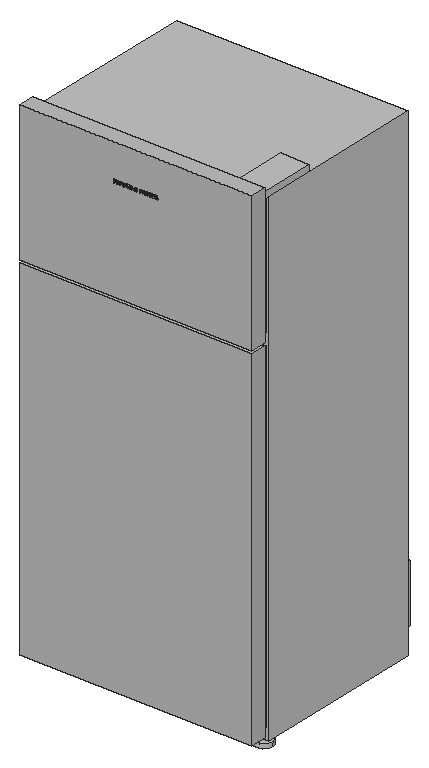
Revit family "FP_Revit_18_RF521TR_Fridges_90001132A", category Specialty Equipment, Revit 2018
Family settings
  Round Connector Dimension = Use Diameter
  Part Type = Normal
  OmniClass Number = 23.40.40.11.11.17
  OmniClass Title = Refrigerator-Freezer
  Work Plane-Based = No
  Always vertical = Yes
  Cut with Voids When Loaded = Yes
  Shared = No
  Room Calculation Point = No
Parameters (values of type "RF521TRZX6")
  Visibility - Clearance Required = yes
  URL = "www.fisherpaykel.com"
  Product - Width = 790 mm  # constant formula
  Product - Height = 1720 mm  # constant formula
  Product - Depth = 695 mm  # constant formula
  Model = "RF521TRZX6"
  Material - Door Structure = Fisher & Paykel - White
  Material - Door Front = Fisher & Paykel - Stainless Steel
  Material - Body = Fisher & Paykel - Grey
  Manufacturer = "Fisher & Paykel Appliances"
  Description = "79cm Freestanding Refrigerator with Bottom Freezer (Stainless)"
  Connector Description - Electrical = "230 V, 10 A, fused electrical supply"
  Chassis - Width = 790 mm  # constant formula
  Chassis - Height = 1662 mm  # constant formula
  Chassis - Depth = 625 mm  # constant formula
  Cavity - Width = 830 mm  # constant formula
  Cavity - Height = 1735 mm  # constant formula
  Cavity - Depth = 625 mm  # constant formula
Types (5, lengths in mm): name | Model | Material - Door Front | Description | Connector Description - Electrical
  (no name) | "RF521TRZX6" | Fisher & Paykel - Stainless Steel | "79cm Freestanding Refrigerator with Bottom Freezer (Stainless)" | "230 V, 10 A, fused electrical supply"
  RF521TRPX6 | "RF521TRPX6" | Fisher & Paykel - Stainless Steel | "79cm Freestanding Refrigerator with Bottom Freezer (Stainless)" | "230 V, 10 A, fused electrical supply"
  RF521TRZX6 | "RF521TRZX6" | Fisher & Paykel - Stainless Steel | "79cm Freestanding Refrigerator with Bottom Freezer (Stainless)" | "230 V, 10 A, fused electrical supply"
  RF521TRZW6 | "RF521TRZW6" | Fisher & Paykel - White | "79cm Freestanding Refrigerator with Bottom Freezer (White)" | "230 V, 10 A, fused electrical supply"
  RF521TRPW6 | "RF521TRPW6" | Fisher & Paykel - White | "79cm Freestanding Refrigerator with Bottom Freezer (White)" | "120 V, 10 A, fused electrical supply"
Reference planes
  plane 1 "Datum": y = 0
  plane 2: z = 0
  plane 3 "Center (Left/Right)": x = 0
  plane 4 "Product LHS": x = -395
  plane 5 "Product RHS": x = 395
  plane 6 "Product - Depth": y = 625
  plane 7 "Cavity LHS": x = -415
  plane 8 "Cavity RHS": x = 415
  plane 9 "Cavity - Depth": y = 625
  plane 10 "Handle Offset": x = 298
  plane 11 "Product Height": z = 1720
  plane 12 "Cavity Height": z = 1735
  plane 13 "Door Panel Front": y = -70
Forms (mm)
  Extrusion 1, solid, material "Fisher & Paykel - Grey" <- "Material - Body"
    sketch origin (0, 0, 0) x (0, 1, 0) y (0, 0, 1)
      loop
        line (0, 24) -> (595, 24) -> (595, 1686) -> (0, 1686) -> (0, 24)
    from -395 to 395
  Extrusion 2, solid, material "Fisher & Paykel - Grey" <- "Material - Body"
    sketch origin (0, 0, 0) x (1, 0, 0) y (0, 1, 0)
      loop
        circle (-365, 18.6) r 4.9
      loop
        circle (365, 18.6) r 4.9
    from 14 to 24
  Extrusion 3, solid, material "Fisher & Paykel - Grey" <- "Material - Body"
    sketch origin (0, 0, 0) x (1, 0, 0) y (0, 1, 0)
      loop
        circle (-365, 18.6) r 30
      loop
        circle (365, 18.6) r 30
    from 0 to 14
  Extrusion 4, solid, material "Fisher & Paykel - Grey" <- "Material - Body"
    sketch origin (0, 0, 0) x (1, 0, 0) y (0, 0, 1)
      loop
        circle (355.042, 69) r 5
    from -615 to -595
  Extrusion 5, solid, material "Fisher & Paykel - White" <- "Material - Door Structure"
    sketch origin (0, 0, 0) x (1, 0, 0) y (0, 1, 0)
      loop
        line (-387, 0) -> (-387, -15) -> (387, -15) -> (387, 0) -> (-387, 0)
    from 1269 to 1680
  Extrusion 6, solid, material "Fisher & Paykel - Stainless Steel" <- "Material - Door Front"
    sketch origin (0, 0, 0) x (1, 0, 0) y (0, 1, 0)
      loop
        line (-395, -15) -> (-395, -70) -> (395, -70) -> (395, -15) -> (-395, -15)
    from 1247 to 1720
  Extrusion 7, solid, material "Fisher & Paykel - Grey" <- "Material - Body", detail levels fine
    sketch origin (0, 0, -4) x (0, 1, 0) y (0, 0, 1)
      loop
        arc (62.091, 28) -> (87.5, 4) -> (112.909, 28) r 25.45
        line (112.909, 28) -> (62.091, 28)
      loop
        arc (503.639, 28) -> (529.047, 4) -> (554.456, 28) r 25.45
        line (554.456, 28) -> (503.639, 28)
    from 325.45 to 342.5
  Extrusion 8, solid, material "Fisher & Paykel - Clearance Required", visible <- "Visibility - Clearance Required", detail levels coarse
    sketch origin (0, 0, 0) x (1, 0, 0) y (0, 1, 0)
      loop
        line (-415, 625) -> (-415, -70) -> (530, -70) -> (530, 0) -> (415, 0) -> (415, 625) -> (-415, 625)
    from 0 to 1735
  Extrusion 9, void
    sketch origin (0, 0, 0) x (1, 0, 0) y (0, 1, 0)
      loop
        line (-415, 625) -> (-415, -70) -> (530, -70) -> (530, 0) -> (415, 0) -> (415, 625) -> (-415, 625)
    from 0 to 1735
  Extrusion 10, solid, material "Fisher & Paykel - Stainless Steel" <- "Material - Door Front"
    sketch origin (0, 0, 0) x (1, 0, 0) y (0, 1, 0)
      loop
        line (-395, -15) -> (-395, -70) -> (395, -70) -> (395, -15) -> (-395, -15)
    from 40 to 1237
  Extrusion 11, solid, material "Fisher & Paykel - White" <- "Material - Door Structure"
    sketch origin (0, 0, 0) x (1, 0, 0) y (0, 1, 0)
      loop
        line (-387, 0) -> (-387, -15) -> (387, -15) -> (387, 0) -> (-387, 0)
    from 62 to 1229
  Extrusion 12, solid, material "Fisher & Paykel - Grey" <- "Material - Body"
    sketch origin (229.237, 0, 0) x (0, 1, 0) y (0, 0, 1)
      loop
        line (595, 324) -> (595, 94) -> (625, 94) -> (625, 294) -> (595, 324)
    from -604.237 to 145.763
  Extrusion 13, solid, material "Fisher & Paykel - Grey" <- "Material - Body"
    sketch origin (0, 0, 0) x (0, 1, 0) y (0, 0, 1)
      loop
        line (595, 94) -> (595, 24) -> (625, 24) -> (625, 94) -> (595, 94)
    from -375 to 345
  Extrusion 14, solid, material "Fisher & Paykel - Grey" <- "Material - Body", detail levels fine
    sketch origin (0, 0, -4) x (0, 1, 0) y (0, 0, -1)
      loop
        line (62.091, -28) -> (112.909, -28)
        arc (112.909, -28) -> (87.5, -4) -> (62.091, -28) r 25.45
      loop
        line (503.639, -28) -> (554.456, -28)
        arc (554.456, -28) -> (529.047, -4) -> (503.639, -28) r 25.45
    from 325.45 to 342.5
  Extrusion 15, solid, material "Fisher & Paykel - Grey" <- "Material - Body"
    sketch origin (0, 0, 0) x (1, 0, 0) y (0, 1, 0)
      loop
        line (296.4, 174) -> (296.4, -15) -> (393.4, -15) -> (393.4, 174) -> (296.4, 174)
    from 1686 to 1708
  Extrusion 16, solid, material "Fisher & Paykel - Clearance Required", visible <- "Visibility - Clearance Required", detail levels coarse
    sketch origin (0, 0, 0) x (1, 0, 0) y (0, 1, 0)
      loop
        arc (-395, -70) -> (135.432, -761.124) -> (975.827, -531.456) r 781.226
        line (975.827, -531.456) -> (460.698, -70) -> (-395, -70)
    from 0 to 1735
  Extrusion 17, void
    sketch origin (0, 0, 0) x (1, 0, 0) y (0, 0, 1)
      loop
        line (-395, 1521.451) -> (-395, 1281.726)
        arc (-395, 1281.726) -> (-376.652, 1301.604) -> (-370, 1327.823) r 54.999
        line (-370, 1327.823) -> (-370, 1475.354)
        arc (-370, 1475.354) -> (-376.652, 1501.574) -> (-395, 1521.451) r 55
      loop
        line (-395, 1181.725) -> (-395, 797.001)
        arc (-395, 797.001) -> (-376.652, 816.878) -> (-370, 843.098) r 54.999
        line (-370, 843.098) -> (-370, 1135.628)
        arc (-370, 1135.628) -> (-376.652, 1161.848) -> (-395, 1181.725) r 55
    from 29 to 56
Cuts and joins
  joined: Extrusion 12, Extrusion 13
  Extrusion 17 cuts Extrusion 1
  Extrusion 17 cuts Extrusion 5
  Extrusion 17 cuts Extrusion 6
  Extrusion 17 cuts Extrusion 10
  Extrusion 17 cuts Extrusion 11
  Extrusion 17 cuts Extrusion 16
Text (mm)
  text "Due to ongoing product development, product details are subject to change without notice. \nPlease always refer to www.fisherpaykel.com for the most current product information. \n© Fisher & Paykel 2020" at (41.04, -848.295, 0), in view "Ref. Level (Plan)"
Dimensions and locks
  equal spacing: plane 4 "Product LHS", plane 3 "Center (Left/Right)", plane 5 "Product RHS"
  "Product - Width": plane 4 "Product LHS" to plane 5 "Product RHS"
  "Chassis - Depth": plane 1 "Datum" to plane 6 "Product - Depth"
  equal spacing: plane 7 "Cavity LHS", plane 3 "Center (Left/Right)", plane 8 "Cavity RHS"
  "Cavity - Width": plane 7 "Cavity LHS" to plane 8 "Cavity RHS"
  "Cavity - Depth": plane 9 "Cavity - Depth" to plane 1 "Datum"
  Extrusion 4 sketch curve to plane 5 "Product RHS" = 39.958 mm
  "Product - Height": level to plane 11 "Product Height"
  Extrusion 1 sketch curve to plane 11 "Product Height" = 34 mm
  "Cavity - Height": plane 12 "Cavity Height" to level
  "Product - Depth": plane 6 "Product - Depth" to cut or joined group of Extrusion 16, Extrusion 17
  "Chassis - Width": cut or joined group of Extrusion 1, Extrusion 17 to cut or joined group of Extrusion 1, Extrusion 17
  "Chassis - Height": cut or joined group of Extrusion 1, Extrusion 17 to cut or joined group of Extrusion 1, Extrusion 17
  plane 11 "Product Height" to nested 1 = 124 mm
  radius of Extrusion 4 sketch curve = 5 mm
  aligned and locked: level to plane 2
  aligned and locked: Extrusion 1 to plane 5 "Product RHS"
  aligned and locked: plane 4 "Product LHS" to Extrusion 1
  aligned and locked: Extrusion 6 sketch curve to plane 4 "Product LHS"
  aligned and locked: plane 5 "Product RHS" to Extrusion 6 sketch curve
  aligned and locked: Extrusion 1 sketch curve to plane 1 "Datum"
  aligned and locked: Extrusion 13 sketch curve to plane 6 "Product - Depth"
  aligned and locked: Extrusion 4 to Extrusion 1
  aligned and locked: Extrusion 15 to Extrusion 1
  aligned and locked: Extrusion 16 sketch curve to cut or joined group of Extrusion 6, Extrusion 17
  aligned and locked: Extrusion 16 to plane 12 "Cavity Height"
  aligned and locked: plane 4 "Product LHS" to Extrusion 17 sketch curve  (x2)
  aligned and locked: Extrusion 9 to Extrusion 8
  aligned and locked: plane 6 "Product - Depth" to Extrusion 12
Automatic sketch dimensions
  Extrusion 1 sketch curve to plane 6 "Product - Depth" = 30 mm
  level to Extrusion 1 sketch curve = 24 mm
  level to Extrusion 4 sketch curve = 69 mm
  plane 1 "Datum" to Extrusion 5 sketch curve = 0 mm
  Extrusion 5 sketch curve to plane 4 "Product LHS" = 8 mm
  plane 5 "Product RHS" to Extrusion 5 sketch curve = 8 mm
  plane 1 "Datum" to Extrusion 5 sketch curve = 15 mm
  plane 1 "Datum" to Extrusion 6 sketch curve = 70 mm
  plane 1 "Datum" to Extrusion 6 sketch curve = 15 mm
  level to Extrusion 7 sketch curve = 24 mm  (x2)
  Extrusion 7 sketch curve to plane 1 "Datum" = 62.091 mm
  Extrusion 7 sketch curve to Extrusion 7 sketch curve = 25.409 mm  (x2)
  Extrusion 7 sketch curve to plane 6 "Product - Depth" = 121.361 mm
  Extrusion 7 sketch curve to Extrusion 7 sketch curve = 1.45 mm  (x2)
  Extrusion 10 sketch curve to plane 4 "Product LHS" = 0 mm
  Extrusion 10 sketch curve to plane 5 "Product RHS" = 0 mm
  plane 1 "Datum" to Extrusion 10 sketch curve = 70 mm
  plane 1 "Datum" to Extrusion 10 sketch curve = 15 mm
  plane 1 "Datum" to Extrusion 11 sketch curve = 0 mm
  Extrusion 11 sketch curve to plane 4 "Product LHS" = 8 mm
  plane 5 "Product RHS" to Extrusion 11 sketch curve = 8 mm
  plane 1 "Datum" to Extrusion 11 sketch curve = 15 mm
  Extrusion 12 sketch curve to plane 6 "Product - Depth" = 0 mm
  Extrusion 12 sketch curve to plane 6 "Product - Depth" = 30 mm
  level to Extrusion 12 sketch curve = 94 mm
  Extrusion 12 sketch curve to Extrusion 12 sketch curve = 200 mm
  Extrusion 12 sketch curve to Extrusion 12 sketch curve = 30 mm
  Extrusion 13 sketch curve to Extrusion 13 sketch curve = 30 mm
  level to Extrusion 13 sketch curve = 24 mm
  Extrusion 13 sketch curve to Extrusion 13 sketch curve = 70 mm
  level to Extrusion 14 sketch curve = 24 mm  (x2)
  Extrusion 14 sketch curve to plane 1 "Datum" = 62.091 mm
  Extrusion 14 sketch curve to Extrusion 14 sketch curve = 25.409 mm  (x2)
  Extrusion 14 sketch curve to plane 6 "Product - Depth" = 121.361 mm
  level to Extrusion 14 sketch curve = 25.45 mm
  Extrusion 14 sketch curve to Extrusion 14 sketch curve = 1.45 mm
  Extrusion 3 sketch curve to plane 4 "Product LHS" = 30 mm
  plane 5 "Product RHS" to Extrusion 3 sketch curve = 30 mm
  Extrusion 3 sketch curve to plane 1 "Datum" = 18.6 mm  (x2)
  Extrusion 2 sketch curve to plane 4 "Product LHS" = 30 mm
  plane 5 "Product RHS" to Extrusion 2 sketch curve = 30 mm
  Extrusion 2 sketch curve to plane 1 "Datum" = 18.6 mm  (x2)
  Extrusion 9 sketch curve to plane 7 "Cavity LHS" = 0 mm
  Extrusion 9 sketch curve to plane 8 "Cavity RHS" = 0 mm
  plane 1 "Datum" to Extrusion 9 sketch curve = 0 mm
  Extrusion 9 sketch curve to plane 9 "Cavity - Depth" = 0 mm
  Extrusion 9 sketch curve to Extrusion 9 sketch curve = 115 mm
  plane 1 "Datum" to Extrusion 9 sketch curve = 70 mm
  Extrusion 16 sketch curve to plane 7 "Cavity LHS" = 20 mm
  plane 5 "Product RHS" to Extrusion 16 sketch curve = 10.329 mm
  plane 1 "Datum" to Extrusion 16 sketch curve = 531.456 mm
  plane 1 "Datum" to Extrusion 16 sketch curve = 20.723 mm
  Extrusion 16 sketch curve to plane 8 "Cavity RHS" = 45.698 mm
  plane 10 "Handle Offset" to Extrusion 15 sketch curve = 1.6 mm
  plane 5 "Product RHS" to Extrusion 15 sketch curve = 1.6 mm
  plane 1 "Datum" to Extrusion 15 sketch curve = 15 mm
  Extrusion 15 sketch curve to plane 1 "Datum" = 174 mm
  plane 7 "Cavity LHS" to Extrusion 17 sketch curve = 9.999 mm  (x2)
  plane 7 "Cavity LHS" to Extrusion 17 sketch curve = 10 mm  (x2)
  Extrusion 17 sketch curve to plane 4 "Product LHS" = 25 mm  (x2)
  level to Extrusion 17 sketch curve = 797.001 mm
  Extrusion 17 sketch curve to Extrusion 17 sketch curve = 292.53 mm
  Extrusion 17 sketch curve to Extrusion 17 sketch curve = 100.001 mm
  Extrusion 17 sketch curve to Extrusion 17 sketch curve = 147.531 mm
  Extrusion 8 sketch curve to plane 6 "Product - Depth" = 0 mm
  Extrusion 8 sketch curve to plane 7 "Cavity LHS" = 0 mm
  plane 1 "Datum" to Extrusion 8 sketch curve = 0 mm
  Extrusion 8 sketch curve to plane 8 "Cavity RHS" = 0 mm
  Extrusion 8 sketch curve to plane 8 "Cavity RHS" = 115 mm
  plane 1 "Datum" to Extrusion 8 sketch curve = 70 mm
  radius of Extrusion 3 sketch curve = 30 mm  (x2)
  radius of Extrusion 2 sketch curve = 4.9 mm  (x2)
Nested families
  nested 1: "F&P Logo 150mm" at (0, -70, 1596), type "F&P Logo 150mm"
Connectors
  electrical at (355.042, 615, 69), driven by "Connector Description - Electrical"
    settings: on Extrusion 4, index 2, voltage 230 V, apparent load 0 VA, apparent load phase1 0 VA, apparent load phase2 0 VA, apparent load phase3 0 VA, power factor 1, load classification "Other", number of poles 1, system type 30, power factor state 1, is connector primary yes, connector utility no, sub classification motor no, connector description "230 V, 10 A, fused electrical supply"
Definition of nested family "F&P Logo 150mm"
  Parameters (values of type "F&P Logo 150mm")
    URL = "www.fisherpaykel.com"
    Material - Logo = none
    Manufacturer = "Fisher & Paykel Appliances"
  Reference planes
    plane 1 "Center (Front/Back)": y = 0
    plane 2: z = 0
    plane 3 "Center (Left/Right)": x = 0
  Forms (mm)
    Extrusion 1, solid, material <- "Material - Logo", detail levels fine
      sketch origin (0, 0, 0) x (1, 0, 0) y (0, 0, 1)
        loop
          line (-74.994, 0) -> (-72.633, 0) -> (-72.633, 3.207) -> (-68.944, 3.207) -> (-68.944, 5.208) -> (-72.633, 5.208) -> (-72.633, 7.068) -> (-68.62, 7.068) -> (-68.62, 9.06) -> (-74.994, 9.06) -> (-74.994, 0)
        loop
          line (-64.134, 9.06) -> (-64.134, 0) -> (-61.773, 0) -> (-61.773, 9.06) -> (-64.134, 9.06)
        loop
          line (-46.015, 9.06) -> (-46.015, 0) -> (-43.654, 0) -> (-43.654, 3.63) -> (-40.187, 3.63) -> (-40.187, 0) -> (-37.826, 0) -> (-37.826, 9.06) -> (-40.187, 9.06) -> (-40.187, 5.622) -> (-43.654, 5.622) -> (-43.654, 9.06) -> (-46.015, 9.06)
        loop
          line (-32.787, 9.06) -> (-32.787, 0) -> (-26.332, 0) -> (-26.332, 1.992) -> (-30.448, 1.992) -> (-30.448, 3.63) -> (-26.686, 3.63) -> (-26.686, 5.622) -> (-30.448, 5.622) -> (-30.448, 7.068) -> (-26.332, 7.068) -> (-26.332, 9.06) -> (-32.787, 9.06)
        loop
          line (68.572, 9.06) -> (68.572, 0) -> (75.006, 0) -> (75.006, 1.992) -> (70.933, 1.992) -> (70.933, 9.06) -> (68.572, 9.06)
        loop
          line (63.719, 9.06) -> (57.241, 9.06) -> (57.241, 0) -> (63.719, 0) -> (63.719, 1.992) -> (59.602, 1.992) -> (59.602, 3.63) -> (63.364, 3.63) -> (63.364, 5.622) -> (59.602, 5.622) -> (59.602, 7.068) -> (63.719, 7.068) -> (63.719, 9.06)
        loop
          line (50.248, 4.722) -> (53.597, 9.06) -> (50.837, 9.06) -> (47.945, 5.313) -> (47.945, 9.06) -> (45.585, 9.06) -> (45.585, 0) -> (47.945, 0) -> (47.945, 4.058) -> (50.926, 0) -> (53.716, 0) -> (50.248, 4.722)
        loop
          line (33.043, 9.06) -> (36.466, 3.63) -> (36.466, 0) -> (38.827, 0) -> (38.827, 3.511) -> (42.25, 9.06) -> (39.742, 9.06) -> (37.721, 5.561) -> (35.701, 9.06) -> (33.043, 9.06)
        loop
          line (27.79, 9.06) -> (25.547, 9.06) -> (21.858, 0) -> (24.175, 0) -> (24.824, 1.668) -> (28.454, 1.668) -> (29.103, 0) -> (31.479, 0) -> (27.79, 9.06)
        loop
          line (27.671, 3.659) -> (26.612, 6.261) -> (25.599, 3.659) -> (27.671, 3.659)
        loop
          line (12.119, 9.06) -> (12.119, 0) -> (14.48, 0) -> (14.48, 2.907) -> (15.971, 2.907)
          arc (15.971, 2.907) -> (19.048, 5.983) -> (15.971, 9.06) r 3.077
          line (15.971, 9.06) -> (12.119, 9.06)
        loop
          line (14.48, 7.068) -> (14.48, 4.796) -> (15.824, 4.796)
          arc (15.824, 4.796) -> (16.96, 5.932) -> (15.824, 7.068) r 1.136
          line (15.824, 7.068) -> (14.48, 7.068)
        loop
          line (-17.602, 9.06) -> (-21.477, 9.06) -> (-21.477, 0) -> (-19.116, 0) -> (-19.116, 2.522) -> (-18.311, 2.522) -> (-16.387, 0) -> (-13.657, 0) -> (-15.969, 2.959)
          arc (-15.969, 2.959) -> (-14.445, 6.636) -> (-17.602, 9.06) r 3.269
        loop
          line (-17.774, 7.068) -> (-19.116, 7.068) -> (-19.116, 4.579) -> (-17.774, 4.579)
          arc (-17.774, 4.579) -> (-16.529, 5.823) -> (-17.774, 7.068) r 1.244
        loop
          line (0.788, 7.068) -> (0.788, 9.229) -> (-5.291, 9.229) -> (-5.291, 7.276) -> (-4.389, 6.167)
          arc (-4.389, 6.167) -> (-5.193, 1.025) -> (0.005, 0.768) r 3.5
          line (0.005, 0.768) -> (0.63, 0) -> (3.308, 0) -> (1.362, 2.391) -> (3.12, 4.924) -> (0.694, 4.924) -> (0.053, 4) -> (-2.443, 7.068) -> (0.788, 7.068)
        loop
          arc (-3.116, 4.603) -> (-3.331, 2.502) -> (-1.23, 2.286) r 1.493
          line (-1.23, 2.286) -> (-3.116, 4.603)
        loop
          line (-52.698, 5.451) -> (-54.701, 5.866)
          arc (-54.701, 5.866) -> (-55.501, 6.665) -> (-54.701, 7.465) r 0.799
          arc (-54.701, 7.465) -> (-52.78, 7.185) -> (-51.017, 6.371) r 6.757
          line (-51.017, 6.371) -> (-51.017, 8.615)
          arc (-51.017, 8.615) -> (-53.252, 9.269) -> (-55.578, 9.164) r 7.089
          arc (-55.578, 9.164) -> (-57.732, 6.502) -> (-55.578, 3.841) r 2.721
          line (-55.578, 3.841) -> (-53.559, 3.423)
          arc (-53.559, 3.423) -> (-52.76, 2.623) -> (-53.559, 1.824) r 0.799
          arc (-53.559, 1.824) -> (-55.481, 2.103) -> (-57.244, 2.917) r 6.757
          line (-57.244, 2.917) -> (-57.244, 0.674)
          arc (-57.244, 0.674) -> (-55.009, 0.02) -> (-52.682, 0.125) r 7.089
          arc (-52.682, 0.125) -> (-50.529, 2.795) -> (-52.698, 5.451) r 2.721
      from 0 to 0.8
  Dimensions and locks
    aligned and locked: level to plane 2
